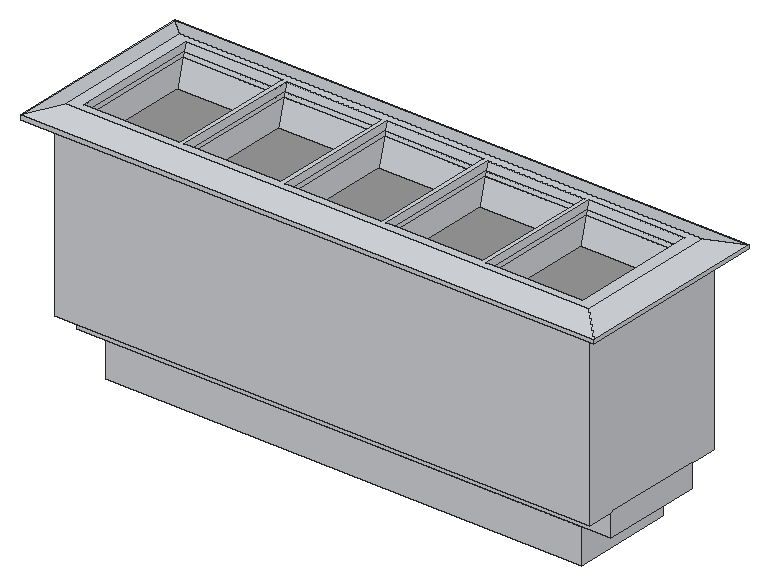
Revit family "2061149 Sylvania Lighting Fixture DOMINO 5xLED 940 BLACK MB TRIM WHITE", category Lighting Fixtures, host Face, Revit 2018
Family settings
  Host = Face
  Round Connector Dimension = Use Diameter
  Part Type = Normal
  OmniClass Number = 23.80.70.00
  OmniClass Title = Lighting
  Cut with Voids When Loaded = No
  Light Source = Yes
  Shared = No
  Room Calculation Point = No
Parameters (values of type "2061149 DOMINO 5XLED 940 BLACK MB TR WHT ")
  top top width = 15.812 mm
  top top length = 123 mm
  Width = 50 mm
  Weight = "n/a"
  Wattage Comments = ""
  Wattage = 9.2903 W
  WarrantyStartDate [instance] = "n/a"
  WarrantyGuarantorParts = "n/a"
  WarrantyDurationUnit = "n/a"
  WarrantyDurationParts = ""
  WarrantyDescription = "http://www.sylvania-lighting.com"
  built-in parameter 1150110 = 1 (stored number, unit not read)
  Voltage = 0 V
  URL = "0.6"
  TypeName = "DOMINO 5xLED 940 BLACK MB TRIM WHITE"
  Type Image = <None>
  Type Comments = "n/a"
  built-in parameter 1114217 = 1 (stored number, unit not read)
  Top Width = 26 mm
  Tilt Angle = 90.00°
  built-in parameter 1150109 = 1 (stored number, unit not read)
  built-in parameter 1150134 = 3
  built-in parameter 1150113 = 1 (stored number, unit not read)
  SerialNumber [instance] = "n/a"
  Recessed Width = 43 mm
  Recessed Length = 143 mm
  Photometric Web File = "2061149.ies"
  Material_3_FEILO = none
  PowerFactor = 0
  PowerConsumption = "Lighting"
  NominalLength = 50 mm
  NominalHeight = 0 mm
  NominalDepth = 0 mm
  Name = "DOMINO 5xLED 940 BLACK MB TRIM WHITE"
  ModelReference = Name  # "DOMINO 5xLED 940 BLACK MB TRIM WHITE"
  ModelNumber = "2061149"
  Model = Name  # "DOMINO 5xLED 940 BLACK MB TRIM WHITE"
  Material = "Feilo Sylvania"
  ManufacturerName = "62 lm/W"
  Manufacturer = ""
  LuminousEfficacy = ""
  built-in parameter 1150105 = 109.82 (stored number, unit not read)
  Lumens = 1380 lm
  LuminaireType = "0"
  built-in parameter 1150115 = 1 (stored number, unit not read)
  LightOutputRatio = "LED"
  built-in parameter 1150137 = (empty or 0)
  built-in parameter 1150139 = (empty or 0)
  Lens inside recess = 25 mm
  Lens Width = 32 mm
  Lens Outside recess = 31.978 mm
  Lens = Glass, White, High Luminance
  Length = 148 mm
  LampsType = Lamp  # "n/a"
  LampNominalLuminous = "4000 K"
  LampMacAdamStep = "90"
  LampColourTemperature = "LED"
  LampColourRenderingIndex = "16500"
  built-in parameter 1150112 = 1 (stored number, unit not read)
  built-in parameter 1150114 = 1 (stored number, unit not read)
  Lamp = "n/a"
  Keynote = "n/a"
  InstallationDate [instance] = "n/a"
  InputVoltage = "0"
  InputNominalFrequency = "4000"
  built-in parameter 1150132 = (empty or 0)
  built-in parameter 1150102 = (empty or 0)
  built-in parameter 1150107 = 3200 (stored number, unit not read)
  built-in parameter 1150138 = (empty or 0)
  IngressProtection = "IfcLightFixtureType"
  ImpactProtectionIndex = "IfcLightFixtureType"
  built-in parameter 1150106 = 1.0982 (stored number, unit not read)
  IfcExportType = "IfcLightFixtureType"
  IfcExportAs = "Class II"
  Facia internal width = 37 mm
  Facia internal length = 135 mm
  Facia Height = 2 mm
  ExpectedLife = 50000
  Emit from Circle Diameter = 609.6 mm
  Emit Shape Visible in Rendering = no
  ElectricShockClassification = "62"
  built-in parameter 1150104 = 13.8 (stored number, unit not read)
  DurationUnit = "hours"
  DocumentationLiterature = "http://www.sylvania-lighting.com/product/en-int/products/2061149"
  DimmingControlOptions = "n/a"
  Material_2_FEILO = none
  Dimming Lamp Color Temperature Shift = <None>
  Description = "Modular LED recessed linear spotlight, ideal for retail and hospitality applications. Die-cast aluminium body, passive cooling. Two levels of reflector installation, low glaring UGR<16. 5x LED source, 30° beam angle , optics: PMMA lens and polycarbonate reflector combination, Black matt reflector finish. Light color temperature: 4000K neutral white, total system power: 13W , total fixture lumen output: 800lm, efficacy: 62 lm/W, Ra90 typical, LED chromacity: 3 step MacAdam ellipse (SDCM3), lifespan: 96,000 hours at 90% of the original output (L90B10), IR/UV free light source without heat radiation, operating voltage: 220-240V / 50-60Hz, electronic driver, ultra low flicker, non-dimmable , electrical protection: Class II. Degree of Protection: IP40/IP20, suitable for indoor environment only. Ceiling cut-out: 43x43mm, outer dimensions:  150x50mm trim frame RAL 9016 - Traffic white / Bezel color.5 years Warranty."
  Default Elevation = 1219.2 mm
  CreatedOn = "10/02/2021"
  CreatedBy = "@sylvania-lighting.com"
  Cost = 0
  Color Filter = 16777215
  built-in parameter 1114216 [instance] = (empty or 0)
  ClassificationValue = "EF_70_80"
  ClassificationName = "Uniclass2015"
  Material_1_FEILO = none
  Body Width = 40 mm
  Body Length = 138 mm
  BarCode [instance] = "n/a"
  built-in parameter 1114218 = 1 (stored number, unit not read)
  built-in parameter 1150133 = 10 (stored number, unit not read)
  AssetType = "Fixed"
  AssetIdentifier [instance] = "n/a"
  Assembly Code = "D5020200"
  Apparent Load = 13 VA
  Material_4_FEILO = none
Reference planes
  plane 1 "Center (Front/Back)": y = 0
  plane 2: z = 0
  plane 3 "Center (Left/Right)": x = 0
  plane 4: z = 0
  plane 5: z = -7
  plane 6: z = -45.895
  plane 7: z = -51.895
  plane 8: z = -60.895
  plane 9: x = -71.5
  plane 10: x = 71.5
  plane 11: y = 21.5
  plane 12: y = -21.5
  plane 13: x = -74
  plane 14: x = 74
  plane 15: y = 25
  plane 16: y = -25
  plane 17: x = 67.5
  plane 18: x = -67.5
  plane 19: y = 18.5
  plane 20: y = -18.5
  plane 21: z = 2
  plane 22: x = -69
  plane 23: x = 69
  plane 24: y = 20
  plane 25: y = -20
  plane 26: y = 13
  plane 27: y = -13
  plane 28: x = 61.5
  plane 29: x = -61.5
  plane 30: x = -65.5
  plane 31: y = 16.5
  plane 32: y = -16.472
  plane 33: x = -40.5
  plane 34: x = -41
  plane 35: x = -65
  plane 36: y = 13
  plane 37: y = -12.972
  plane 38: x = -39.5
  plane 39: x = -14.48
  plane 40: x = -13.48
  plane 41: x = 11.52
  plane 42: x = 12.52
  plane 43: x = 37.52
  plane 44: x = 38.52
  plane 45: x = 64.5
Forms (mm)
  Extrusion 1, solid, not visible, detail levels medium+fine
    sketch origin (4.2, 0, 0) x (1, 0, 0) y (0, 1, 0)
      loop
        line (-29.2, 34.5) -> (-29.2, -34.5) -> (20.8, -34.5) -> (20.8, 34.5) -> (-29.2, 34.5)
    from 0 to 1
  Extrusion 2, solid, not visible, detail levels medium+fine
    sketch origin (4.044, 0, 0) x (1, 0, 0) y (0, 1, 0)
      loop
        line (-29.2, 34.5) -> (-29.2, -34.5) -> (20.8, -34.5) -> (20.8, 34.5) -> (-29.2, 34.5)
    from 0 to 1
  Blend 3, solid, not visible, detail levels medium+fine
    base sketch origin (4.2, 0, 0) x (1, 0, 0) y (0, 1, 0)
      loop
        line (-29.2, 34.5) -> (-29.2, -34.5) -> (20.8, -34.5) -> (20.8, 34.5) -> (-29.2, 34.5)
    top sketch origin (4.2, 0, 0) x (1, 0, 0) y (0, 1, 0)
      loop
        line (-21.7, 28) -> (-21.7, -28) -> (13.3, -28) -> (13.3, 28) -> (-21.7, 28)
    from 1 to 3
  Extrusion 4, solid, not visible, detail levels medium+fine
    sketch origin (3.419, 0, 0) x (1, 0, 0) y (0, 1, 0)
      loop
        line (-29.2, 34.5) -> (-29.2, -34.5) -> (20.8, -34.5) -> (20.8, 34.5) -> (-29.2, 34.5)
    from 0 to 1
  Blend 5, solid, not visible, detail levels medium+fine
    base sketch origin (3.575, 0, 0) x (1, 0, 0) y (0, 1, 0)
      loop
        line (-29.2, 34.5) -> (-29.2, -34.5) -> (20.8, -34.5) -> (20.8, 34.5) -> (-29.2, 34.5)
    top sketch origin (3.575, 0, 0) x (1, 0, 0) y (0, 1, 0)
      loop
        line (-21.7, 28) -> (-21.7, -28) -> (13.3, -28) -> (13.3, 28) -> (-21.7, 28)
    from 1 to 3
  Extrusion 6, solid, not visible, detail levels medium+fine
    sketch origin (4.247, 0, 0) x (1, 0, 0) y (0, 1, 0)
      loop
        line (-29.2, 34.5) -> (-29.2, -34.5) -> (20.8, -34.5) -> (20.8, 34.5) -> (-29.2, 34.5)
    from 0 to 1
  Blend 7, solid, not visible, detail levels medium+fine
    base sketch origin (4.403, 0, 0) x (1, 0, 0) y (0, 1, 0)
      loop
        line (-29.2, 34.5) -> (-29.2, -34.5) -> (20.8, -34.5) -> (20.8, 34.5) -> (-29.2, 34.5)
    top sketch origin (4.403, 0, 0) x (1, 0, 0) y (0, 1, 0)
      loop
        line (-21.7, 28) -> (-21.7, -28) -> (13.3, -28) -> (13.3, 28) -> (-21.7, 28)
    from 1 to 3
  Extrusion 8, void, detail levels medium+fine
    sketch origin (4.2, 0, 0) x (0, 1, 0) y (1, 0, 0)
      loop
        line (21.5, -75.7) -> (21.5, 67.3) -> (-21.5, 67.3) -> (-21.5, -75.7) -> (21.5, -75.7)
    from -9.934 to 83.097
  Extrusion 9, solid, detail levels medium+fine
    sketch origin (4.2, 0, 0) x (1, 0, 0) y (0, 1, 0)
      loop
        line (-78.2, 25) -> (-78.2, -25) -> (69.8, -25) -> (69.8, 25) -> (-78.2, 25)
    from 0 to 1
  Extrusion 10, solid, detail levels medium+fine
    sketch origin (4.2, 0, 0) x (1, 0, 0) y (0, 1, 0)
      loop
        line (-73.2, 20) -> (-73.2, -20) -> (64.8, -20) -> (64.8, 20) -> (-73.2, 20)
    from 0 to -45.895
  Extrusion 11, solid, detail levels medium+fine
    sketch origin (4.2, 0, 0) x (1, 0, 0) y (0, 1, 0)
      loop
        line (-73.2, 13) -> (-73.2, -13) -> (64.8, -13) -> (64.8, 13) -> (-73.2, 13)
    from -51.895 to -45.895
  Extrusion 12, solid, material "Glass, White, High Luminance" <- "Lens", detail levels fine
    sketch origin (11.874, 1219.733, 36.156) x (1, 0, 0) y (0, 1, 0)
      loop
        line (-75.883, -1206.7) -> (-75.883, -1232.733) -> (-51.887, -1232.733) -> (-51.887, -1206.7) -> (-75.883, -1206.7)
    from -43.156 to -42.182
  Blend 13, solid, detail levels medium+fine
    base sketch origin (4.2, 0, 0) x (1, 0, 0) y (0, 1, 0)
      loop
        line (-78.2, 25) -> (-78.2, -25) -> (69.8, -25) -> (69.8, 25) -> (-78.2, 25)
    top sketch origin (4.2, 0, 0) x (1, 0, 0) y (0, 1, 0)
      loop
        line (-71.7, 18.5) -> (-71.7, -18.5) -> (63.3, -18.5) -> (63.3, 18.5) -> (-71.7, 18.5)
    from 1 to 3
  Extrusion 14, solid, detail levels fine
    sketch origin (0, 0, 0) x (1, 0, 0) y (0, 0, 1)
      loop
        line (-61.5, -51.895) -> (-61.5, -60.895) -> (61.5, -60.895) -> (61.5, -51.895) -> (-61.5, -51.895)
    from -13 to 13
  Blend 15, void
    base sketch origin (5.187, 0, 0) x (0, 1, 0) y (-1, 0, 0)
      loop
        line (16.5, 69.7) -> (-16.472, 69.7) -> (-16.472, 44.7) -> (16.5, 44.7) -> (16.5, 69.7)
    top sketch origin (5.187, 0, 0) x (0, 1, 0) y (-1, 0, 0)
      loop
        line (13, 69.2) -> (-12.972, 69.2) -> (-12.972, 45.2) -> (13, 45.2) -> (13, 69.2)
    from 3 to -7
  Blend 16, void
    base sketch origin (31.202, 0, 0) x (0, 1, 0) y (-1, 0, 0)
      loop
        line (16.5, 69.7) -> (-16.472, 69.7) -> (-16.472, 44.7) -> (16.5, 44.7) -> (16.5, 69.7)
    top sketch origin (31.202, 0, 0) x (0, 1, 0) y (-1, 0, 0)
      loop
        line (13, 69.2) -> (-12.972, 69.2) -> (-12.972, 45.2) -> (13, 45.2) -> (13, 69.2)
    from 3 to -7
  Blend 17, void
    base sketch origin (57.213, -0.017, 0) x (0, 1, 0) y (-1, 0, 0)
      loop
        line (16.5, 69.7) -> (-16.472, 69.7) -> (-16.472, 44.7) -> (16.5, 44.7) -> (16.5, 69.7)
    top sketch origin (57.213, -0.017, 0) x (0, 1, 0) y (-1, 0, 0)
      loop
        line (13, 69.2) -> (-12.972, 69.2) -> (-12.972, 45.2) -> (13, 45.2) -> (13, 69.2)
    from 3 to -7
  Blend 18, void
    base sketch origin (83.222, 0, 0) x (0, 1, 0) y (-1, 0, 0)
      loop
        line (16.5, 69.7) -> (-16.472, 69.7) -> (-16.472, 44.7) -> (16.5, 44.7) -> (16.5, 69.7)
    top sketch origin (83.222, 0, 0) x (0, 1, 0) y (-1, 0, 0)
      loop
        line (13, 69.2) -> (-12.972, 69.2) -> (-12.972, 45.2) -> (13, 45.2) -> (13, 69.2)
    from 3 to -7
  Blend 19, void
    base sketch origin (109.202, 0, 0) x (0, 1, 0) y (-1, 0, 0)
      loop
        line (16.5, 69.7) -> (-16.472, 69.7) -> (-16.472, 44.7) -> (16.5, 44.7) -> (16.5, 69.7)
    top sketch origin (109.202, 0, 0) x (0, 1, 0) y (-1, 0, 0)
      loop
        line (13, 69.2) -> (-12.972, 69.2) -> (-12.972, 45.2) -> (13, 45.2) -> (13, 69.2)
    from 3 to -7
  Extrusion 20, solid, material "Glass, White, High Luminance" <- "Lens", detail levels fine
    sketch origin (37.889, 1219.733, 36.156) x (1, 0, 0) y (0, 1, 0)
      loop
        line (-75.883, -1206.7) -> (-75.883, -1232.733) -> (-51.887, -1232.733) -> (-51.887, -1206.7) -> (-75.883, -1206.7)
    from -43.156 to -42.182
  Extrusion 21, solid, material "Glass, White, High Luminance" <- "Lens", detail levels fine
    sketch origin (63.896, 1219.733, 36.156) x (1, 0, 0) y (0, 1, 0)
      loop
        line (-75.883, -1206.7) -> (-75.883, -1232.733) -> (-51.887, -1232.733) -> (-51.887, -1206.7) -> (-75.883, -1206.7)
    from -43.156 to -42.182
  Extrusion 22, solid, material "Glass, White, High Luminance" <- "Lens", detail levels fine
    sketch origin (89.905, 1219.733, 36.156) x (1, 0, 0) y (0, 1, 0)
      loop
        line (-75.883, -1206.7) -> (-75.883, -1232.733) -> (-51.887, -1232.733) -> (-51.887, -1206.7) -> (-75.883, -1206.7)
    from -43.156 to -42.182
  Extrusion 23, solid, material "Glass, White, High Luminance" <- "Lens", detail levels fine
    sketch origin (115.886, 1219.733, 36.156) x (1, 0, 0) y (0, 1, 0)
      loop
        line (-75.883, -1206.7) -> (-75.883, -1232.733) -> (-51.887, -1232.733) -> (-51.887, -1206.7) -> (-75.883, -1206.7)
    from -43.156 to -42.182
  Extrusion 24, solid, detail levels coarse
    sketch origin (4.2, 0, 0) x (1, 0, 0) y (0, 1, 0)
      loop
        line (-78.2, 25) -> (-78.2, -25) -> (69.8, -25) -> (69.8, 25) -> (-78.2, 25)
    from 3 to -60.895
Cuts and joins
  Blend 15, Blend 16, Blend 17, Blend 18, Blend 19 cuts Extrusion 9
  Blend 15, Blend 16, Blend 17, Blend 18, Blend 19 cuts Extrusion 10
  Blend 15, Blend 16, Blend 17, Blend 18, Blend 19 cuts Blend 13
Dimensions and locks
  "Recessed Length": plane 9 to plane 10
  equal spacing: plane 9, plane 3 "Center (Left/Right)", plane 10
  "Length": plane 13 to plane 14
  equal spacing: plane 13, plane 3 "Center (Left/Right)", plane 14
  "Recessed Width": plane 11 to plane 12
  equal spacing: plane 11, plane 1 "Center (Front/Back)", plane 12
  "Width": plane 15 to plane 16
  equal spacing: plane 15, plane 1 "Center (Front/Back)", plane 16
  "Facia internal length": plane 18 to plane 17
  equal spacing: plane 18, plane 3 "Center (Left/Right)", plane 17
  "Facia internal width": plane 19 to plane 20
  equal spacing: plane 19, plane 1 "Center (Front/Back)", plane 20
  "Facia Height": plane 21 to host face
  "Body Length": plane 22 to plane 23
  equal spacing: plane 22, plane 3 "Center (Left/Right)", plane 23
  "Body Width": plane 24 to plane 25
  equal spacing: plane 24, plane 1 "Center (Front/Back)", plane 25
  "Top Width": plane 26 to plane 27
  equal spacing: plane 26, plane 1 "Center (Front/Back)", plane 27
  "top top length": plane 29 to plane 28
  equal spacing: plane 29, plane 3 "Center (Left/Right)", plane 28  (x2)
  plane 28 to plane 29 = 123 mm
  equal spacing: plane 28, plane 3 "Center (Left/Right)", plane 29
  aligned and locked: plane 2 to host face
  aligned and locked: level to host face
  aligned and locked: Extrusion 11 to plane 7
  aligned and locked: Extrusion 10 to plane 6
  aligned and locked: Extrusion 12 to plane 5
Automatic sketch dimensions
  Extrusion 1 sketch curve to Extrusion 1 sketch curve = 50 mm
  Extrusion 1 sketch curve to Extrusion 1 sketch curve = 69 mm
  Extrusion 2 sketch curve to Extrusion 2 sketch curve = 50 mm
  Extrusion 2 sketch curve to Extrusion 2 sketch curve = 69 mm
  Blend 3 sketch curve to Blend 3 sketch curve = 50 mm
  Blend 3 sketch curve to Blend 3 sketch curve = 69 mm
  Blend 3 sketch curve to Blend 3 sketch curve = 35 mm
  Blend 3 sketch curve to Blend 3 sketch curve = 56 mm
  Extrusion 4 sketch curve to Extrusion 4 sketch curve = 50 mm
  Extrusion 4 sketch curve to Extrusion 4 sketch curve = 69 mm
  Blend 5 sketch curve to Blend 5 sketch curve = 50 mm
  Blend 5 sketch curve to Blend 5 sketch curve = 69 mm
  Blend 5 sketch curve to Blend 5 sketch curve = 35 mm
  Blend 5 sketch curve to Blend 5 sketch curve = 56 mm
  Extrusion 6 sketch curve to Extrusion 6 sketch curve = 50 mm
  Extrusion 6 sketch curve to Extrusion 6 sketch curve = 69 mm
  Blend 7 sketch curve to Blend 7 sketch curve = 50 mm
  Blend 7 sketch curve to Blend 7 sketch curve = 69 mm
  Blend 7 sketch curve to Blend 7 sketch curve = 35 mm
  Blend 7 sketch curve to Blend 7 sketch curve = 56 mm
  host sketch curve to host sketch curve = 2438.4 mm  (x2)
  Extrusion 8 sketch curve to plane 9 = 0 mm
  Extrusion 8 sketch curve to plane 12 = 0 mm
  Extrusion 8 sketch curve to plane 11 = 0 mm
  Extrusion 8 sketch curve to plane 10 = 0 mm
  Extrusion 9 sketch curve to plane 13 = 0 mm
  Extrusion 9 sketch curve to plane 14 = 0 mm
  Extrusion 9 sketch curve to plane 16 = 0 mm
  Extrusion 9 sketch curve to plane 15 = 0 mm
  Extrusion 10 sketch curve to plane 22 = 0 mm
  Extrusion 10 sketch curve to plane 23 = 0 mm
  Extrusion 10 sketch curve to plane 25 = 0 mm
  Extrusion 10 sketch curve to plane 24 = 0 mm
  Extrusion 11 sketch curve to plane 22 = 0 mm
  Extrusion 11 sketch curve to plane 23 = 0 mm
  Extrusion 11 sketch curve to plane 27 = 0 mm
  Extrusion 11 sketch curve to plane 26 = 0 mm
  Extrusion 12 sketch curve to plane 27 = 0 mm
  plane 35 to Extrusion 12 sketch curve = 0.991 mm
  plane 26 to Extrusion 12 sketch curve = 0.033 mm
  plane 33 to Extrusion 12 sketch curve = 0.487 mm
  Blend 13 sketch curve to plane 13 = 0 mm
  Blend 13 sketch curve to plane 14 = 0 mm
  Blend 13 sketch curve to plane 16 = 0 mm
  Blend 13 sketch curve to plane 15 = 0 mm
  Blend 13 sketch curve to plane 18 = 0 mm
  Blend 13 sketch curve to plane 17 = 0 mm
  Blend 13 sketch curve to plane 20 = 0 mm
  Blend 13 sketch curve to plane 19 = 0 mm
  Extrusion 14 sketch curve to plane 8 = 0 mm
  Extrusion 14 sketch curve to plane 29 = 0 mm
  Extrusion 14 sketch curve to plane 28 = 0 mm
  Extrusion 14 sketch curve to plane 7 = 0 mm
  Blend 15 sketch curve to plane 32 = 0 mm
  Blend 15 sketch curve to plane 31 = 0 mm
  Blend 15 sketch curve to plane 38 = 0.013 mm
  plane 35 to Blend 15 sketch curve = 0.487 mm
  Blend 15 sketch curve to plane 37 = 0 mm
  Blend 15 sketch curve to plane 26 = 0 mm
  plane 33 to Blend 15 sketch curve = 0.487 mm
  plane 35 to Blend 15 sketch curve = 0.987 mm
  Blend 16 sketch curve to plane 32 = 0 mm
  Blend 16 sketch curve to plane 31 = 0 mm
  Blend 16 sketch curve to plane 40 = 0.018 mm
  plane 38 to Blend 16 sketch curve = 1.002 mm
  Blend 16 sketch curve to plane 37 = 0 mm
  Blend 16 sketch curve to plane 26 = 0 mm
  plane 39 to Blend 16 sketch curve = 0.482 mm
  plane 38 to Blend 16 sketch curve = 1.502 mm
  Blend 17 sketch curve to plane 32 = 0.017 mm
  Blend 17 sketch curve to plane 31 = 0.017 mm
  Blend 17 sketch curve to plane 42 = 0.007 mm
  plane 40 to Blend 17 sketch curve = 0.993 mm
  plane 27 to Blend 17 sketch curve = 0.011 mm
  Blend 17 sketch curve to plane 26 = 0.017 mm
  plane 41 to Blend 17 sketch curve = 0.493 mm
  plane 40 to Blend 17 sketch curve = 1.493 mm
  plane 32 to Blend 18 sketch curve = 0 mm
  plane 31 to Blend 18 sketch curve = 0 mm
  plane 44 to Blend 18 sketch curve = 0.002 mm
  plane 42 to Blend 18 sketch curve = 1.002 mm
  plane 37 to Blend 18 sketch curve = 0 mm
  plane 26 to Blend 18 sketch curve = 0 mm
  Blend 18 sketch curve to plane 44 = 0.498 mm
  plane 42 to Blend 18 sketch curve = 1.502 mm
  Blend 19 sketch curve to plane 32 = 0 mm
  Blend 19 sketch curve to plane 31 = 0 mm
  plane 45 to Blend 19 sketch curve = 0.002 mm
  plane 44 to Blend 19 sketch curve = 0.982 mm
  Blend 19 sketch curve to plane 37 = 0 mm
  Blend 19 sketch curve to plane 26 = 0 mm
  Blend 19 sketch curve to plane 45 = 0.498 mm
  plane 44 to Blend 19 sketch curve = 1.482 mm
  Extrusion 20 sketch curve to plane 27 = 0 mm
  plane 38 to Extrusion 20 sketch curve = 1.506 mm
  plane 26 to Extrusion 20 sketch curve = 0.033 mm
  plane 39 to Extrusion 20 sketch curve = 0.482 mm
  Extrusion 21 sketch curve to plane 27 = 0 mm
  plane 40 to Extrusion 21 sketch curve = 1.493 mm
  plane 26 to Extrusion 21 sketch curve = 0.033 mm
  plane 41 to Extrusion 21 sketch curve = 0.49 mm
  Extrusion 22 sketch curve to plane 27 = 0 mm
  plane 42 to Extrusion 22 sketch curve = 1.502 mm
  plane 26 to Extrusion 22 sketch curve = 0.033 mm
  plane 43 to Extrusion 22 sketch curve = 0.498 mm
  Extrusion 23 sketch curve to plane 27 = 0 mm
  plane 44 to Extrusion 23 sketch curve = 1.482 mm
  plane 26 to Extrusion 23 sketch curve = 0.033 mm
  Extrusion 23 sketch curve to plane 45 = 0.501 mm
  Extrusion 24 sketch curve to plane 13 = 0 mm
  Extrusion 24 sketch curve to plane 14 = 0 mm
  Extrusion 24 sketch curve to plane 16 = 0 mm
  Extrusion 24 sketch curve to plane 15 = 0 mm
Connectors
  electrical at (0, 0, -60.895)
    settings: on Extrusion 14, index 1, voltage 0 V, apparent load 0 VA, apparent load phase1 0 VA, apparent load phase2 0 VA, apparent load phase3 0 VA, power factor 1, load classification "Other", number of poles 1, system type 31, power factor state 1, is connector primary yes, connector utility no, sub classification motor no, connector description ""
